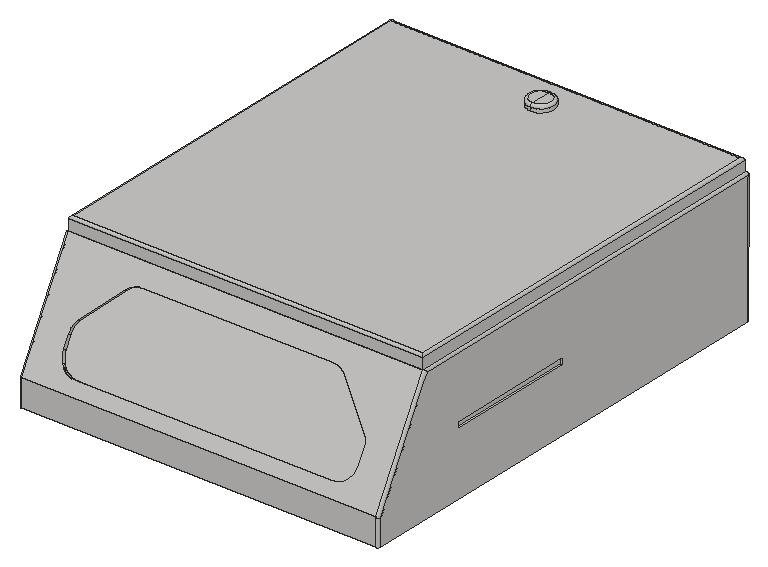
Revit family "PRD_AR_PprTwlDpnsrs_RODANPaperTowelDispenser_RODX600", category Furniture, host Face, Revit 2018
Family settings
  Host = Face
  OmniClass Number = 23.40.20.21
  OmniClass Title = Toilet and Bath Specialties
  Cut with Voids When Loaded = No
  Shared = No
  Room Calculation Point = No
Parameters (values of type "RODX600")
  WarrantyStartDate [instance] = "1900-12-31T23:59:59"
  WarrantyGuarantorParts = "n/a"
  WarrantyGuarantorLabor = "n/a"
  WarrantyDurationUnit = "year"
  WarrantyDurationParts = "n/a"
  WarrantyDurationLabor = "n/a"
  WarrantyDescription = "n/a"
  Version = "1"
  Uniclass2015Version = "Products v1.7"
  Uniclass2015Title = "Paper towel dispensers"
  Uniclass2015Code = "Pr_40_70_22_62"
  URL = "www.kwc.com"
  TypeOfConsumable = "Paper towel"
  TowelsWidth = 0.00 mm
  TowelsTowelType = "n/a"
  TagNumber [instance] = "n/a"
  SustainabilityPerformance = "n/a"
  Style = "Paper towel dispenser"
  Size = "275x355x112 mm"
  Shape = "n/a"
  SerialNumber [instance] = "n/a"
  Revision = "n/a"
  ReplacementCost = "n/a"
  ProductInformation = "https://pim.kwc.com/product/2000090056/attachment/datasheet?locale=en"
  OverallWidth = 275.00 mm
  OverallHeight = 355.00 mm
  OverallDepth = 112.00 mm
  Operation = "Manual"
  NominalWidth = 275.00 mm
  NominalLength = 275.00 mm
  NominalHeight = 355.00 mm
  NominalDepth = 112.00 mm
  NetWeight = 2.13 kg
  Name = "RODAN paper towel dispenser RODX600"
  NBSTypeID = "n/a"
  NBSReference = "45-35-72/344"
  NBSOfficeMasterTag = "n/a"
  NBSNote = "n/a"
  NBSDescription = "Paper towel dispensers"
  NBSCertification = "n/a"
  ModelReference = "RODX600"
  ModelNumber = "2000090056"
  Model = ModelReference  # "RODX600"
  MaterialsFinishAndColour = "Stainless steel, satin finished"
  MaterialsBody = "Stainless steel"
  Material = "Stainless steel"
  ManufacturerURL = "www.kwc.com"
  ManufacturerName = "KWC Group AG"  # constant formula
  Manufacturer = ManufacturerName  # "KWC Group AG"
  MainColor = "Stainless steel"
  IntegralAccessories = "Stainless steel screws and dowels incl."
  InstallationDate [instance] = "1900-12-31T23:59:59"
  IfcExportType = "NOTDEFINED"
  IfcExportAs = "IfcFurnitureType"
  GrossWeight = 2.57 kg
  Grade = "n/a"
  Form = "Wall mounted"
  Finish = "Satin finished"
  Features = "stainless steel, 0.80 mm, satin finished, wall mounting, 275x355x112 mm (WxHxD)"
  ExpectedLife = "n/a"
  DurationUnit = "year"
  DispenserMaterial = PRD_AR_StainlessSteel_SatinFinished
  Description = "Paper towel dispenser for wall mounting, stainless steel, surface satin finished, material thickness 0.8 mm, folded front cover, cylinder lock with KWC standard key, inspection windows on sides, loading capacity 300 - 400 pcs. of paper depending on convolution, incl. stainless steel screws and dowels."
  Default Elevation = 1200.00 mm
  Constituents = "n/a"
  Color = "Stainless steel"
  CodePerformance = "n/a"
  Category = "Pr_40_70_22_62, Paper towel dispensers"
  BarCode [instance] = "n/a"
  BIMObjectName = "PRD_AR_PaperTowelDispensers_RODANPaperTowelDispenser_RODX600"
  Author = "Archispace"  # constant formula
  AssetType = "Fixed"
  AssetIdentifier [instance] = "n/a"
  AccessibilityPerformance = "n/a"
Reference planes
  plane 1 "Center (Front/Back)": y = 0
  plane 2: z = 0
  plane 3 "Center (Left/Right)": x = 0
  plane 4: y = 355
  plane 5: x = -137.5
  plane 6: x = 137.5
  plane 7: y = 353
  plane 8: x = -135.5
  plane 9: x = 135.5
  plane 10: z = 102
  plane 11: z = 112
Forms (mm)
  Extrusion 1, solid, material "PRD_AR_StainlessSteel_SatinFinished" <- "DispenserMaterial", detail levels fine
    sketch origin (0, 0, 0) x (0, 1, 0) y (0, 0, 1)
      loop
        line (355, 0) -> (355, 100)
        arc (355, 100) -> (354.414, 101.414) -> (353, 102) r 2
        line (353, 102) -> (45, 102) -> (0, 20.595) -> (0, 0) -> (355, 0)
    from -137.5 to 137.5
  Extrusion 2, solid, material "PRD_AR_StainlessSteel_SatinFinished" <- "DispenserMaterial", detail levels fine
    sketch origin (0, 0, 0) x (0, 1, 0) y (0, 0, 1)
      loop
        line (353, 112) -> (45, 112) -> (45, 102) -> (353, 102) -> (353, 112)
    from -135.5 to 135.5
  Sweep 3, void
    path in 3D
      loop
        line (137.5, 355, 0) -> (137.5, 355, 102) -> (137.5, 45, 102) -> (137.5, 0, 20.595) -> (137.5, 0, 0)
    profile origin (137.5, 355, 51) x (0, -1, 0) y (1, 0, 0)
      loop
        line (0, 0) -> (0, -2)
        arc (0, -2) -> (0.586, -0.586) -> (2, 0) r 2
        line (2, 0) -> (0, 0)
  Sweep 4, void
    path in 3D
      loop
        line (-137.5, 0, 0) -> (-137.5, 0, 20.595) -> (-137.5, 45, 102) -> (-137.5, 355, 102) -> (-137.5, 355, 0)
    profile origin (-137.5, 355, 51) x (-1, 0, 0) y (0, -1, 0)
      loop
        arc (0, 2) -> (-0.586, 0.586) -> (-2, 0) r 2
        line (-2, 0) -> (0, 0) -> (0, 2)
  Sweep 5, void
    path in 3D
      loop
        line (-135.5, 353, 112) -> (-135.5, 45, 112) -> (135.5, 45, 112) -> (135.5, 353, 112) -> (-135.5, 353, 112)
    profile origin (0, 353, 112) x (0, -1, 0) y (0, 0, 1)
      loop
        line (0, 0) -> (0, -2)
        arc (0, -2) -> (0.586, -0.586) -> (2, 0) r 2
        line (2, 0) -> (0, 0)
  Extrusion 6, void
    sketch origin (0, 0, 0) x (0, 1, 0) y (0, 0, 1)
      loop
        line (176, 48.506) -> (176, 53.506) -> (76, 53.506) -> (76, 48.506) -> (176, 48.506)
    from -135.5 to -137.5
  Extrusion 7, void
    sketch origin (0, 0, 0) x (0, 1, 0) y (0, 0, 1)
      loop
        line (176, 48.506) -> (176, 53.506) -> (76, 53.506) -> (76, 48.506) -> (176, 48.506)
    from 135.5 to 137.5
  Revolve 8, solid, material "PRD_AR_StainlessSteel_SatinFinished" <- "DispenserMaterial", detail levels fine
    sketch origin (0, 0, 0) x (0, 1, 0) y (0, 0, 1)
      loop
        arc (319.447, 116.65) -> (318.033, 116.064) -> (317.447, 114.65) r 2
        line (317.447, 114.65) -> (317.447, 112) -> (327.422, 112) -> (327.422, 116.65) -> (319.447, 116.65)
      axis (327.422, 112) -> (327.422, 116.65)
    angle from 0 to 360
  Extrusion 9, void
    sketch origin (0, 0, 20.602) x (0, 0.48481, 0.87462) y (1, 0, 0)
      loop
        line (77.406, -72.585) -> (77.406, 72.585)
        spline (77.406, 72.585) -> (77.371, 73.61) -> (77.266, 74.629) -> (77.092, 75.639) -> (76.849, 76.635) -> (76.539, 77.612) -> (76.163, 78.565) -> (75.722, 79.491) -> (75.219, 80.384) -> (74.657, 81.241) -> (74.037, 82.057) -> (73.363, 82.83) -> (72.638, 83.554)
        line (72.638, 83.554) -> (45.392, 108.969)
        spline (45.392, 108.969) -> (44.686, 109.587) -> (43.943, 110.16) -> (43.166, 110.685) -> (42.357, 111.161) -> (41.52, 111.585) -> (40.659, 111.956) -> (39.775, 112.272) -> (38.874, 112.533) -> (37.958, 112.737) -> (37.032, 112.883) -> (36.098, 112.971) -> (35.16, 113)
        line (35.16, 113) -> (25.506, 113)
        spline (25.506, 113) -> (23.548, 112.872) -> (21.624, 112.489) -> (19.766, 111.858) -> (18.006, 110.99) -> (16.374, 109.9) -> (14.899, 108.607) -> (13.606, 107.131) -> (12.515, 105.5) -> (11.648, 103.74) -> (11.017, 101.882) -> (10.634, 99.958) -> (10.506, 98)
        line (10.506, 98) -> (10.506, -98)
        spline (10.506, -98) -> (10.634, -99.958) -> (11.017, -101.882) -> (11.648, -103.74) -> (12.515, -105.5) -> (13.606, -107.131) -> (14.899, -108.607) -> (16.374, -109.9) -> (18.006, -110.99) -> (19.766, -111.858) -> (21.624, -112.489) -> (23.548, -112.872) -> (25.506, -113)
        line (25.506, -113) -> (35.16, -113)
        spline (35.16, -113) -> (36.098, -112.971) -> (37.032, -112.883) -> (37.958, -112.737) -> (38.874, -112.533) -> (39.775, -112.272) -> (40.659, -111.956) -> (41.52, -111.585) -> (42.357, -111.161) -> (43.166, -110.685) -> (43.943, -110.16) -> (44.686, -109.587) -> (45.392, -108.969)
        line (45.392, -108.969) -> (72.638, -83.554)
        spline (72.638, -83.554) -> (73.363, -82.83) -> (74.037, -82.057) -> (74.657, -81.241) -> (75.219, -80.384) -> (75.722, -79.491) -> (76.163, -78.565) -> (76.539, -77.612) -> (76.849, -76.635) -> (77.092, -75.639) -> (77.266, -74.629) -> (77.371, -73.61) -> (77.406, -72.585)
    from -2 to 2
  Extrusion 10, solid, material "PRD_AR_StainlessSteel_SatinFinished" <- "DispenserMaterial", detail levels medium
    sketch origin (0, 0, 20.602) x (0, 0.48481, 0.87462) y (0, -0.87462, 0.48481)
      loop
        line (252.046, -266.179) -> (101.755, 4.953) -> (92.82, 0) -> (0, 0) -> (-18.019, -9.988) -> (154.089, -320.478) -> (252.046, -266.179)
    from -137.5 to 137.5
  Extrusion 11, solid, material "PRD_AR_StainlessSteel_SatinFinished" <- "DispenserMaterial", detail levels coarse
    sketch origin (0, 0, 0) x (1, 0, 0) y (0, 1, 0)
      loop
        line (-137.5, 355) -> (-137.5, 0) -> (137.5, 0) -> (137.5, 355) -> (-137.5, 355)
    from 0 to 112
Cuts and joins
  Sweep 3, Sweep 4, Extrusion 6, Extrusion 7, Extrusion 9 cuts Extrusion 1
  Sweep 5 cuts Extrusion 2
Lines and regions (mm)
  sketch lines
    curve 1: line (137.5, 355, 0) -> (137.5, 355, 102)
    curve 2: line (137.5, 355, 102) -> (137.5, 45, 102)
    curve 3: line (137.5, 45, 102) -> (137.5, 0, 20.595)
    curve 4: line (137.5, 0, 20.595) -> (137.5, 0, 0)
    curve 5: line (-137.5, 355, 102) -> (-137.5, 355, 0)
    curve 6: line (-137.5, 45, 102) -> (-137.5, 355, 102)
    curve 7: line (-137.5, 0, 20.595) -> (-137.5, 45, 102)
    curve 8: line (-137.5, 0, 0) -> (-137.5, 0, 20.595)
    curve 9: line (135.5, 353, 112) -> (-135.5, 353, 112)
    curve 10: line (-135.5, 45, 112) -> (-135.5, 353, 112)
    curve 11: line (135.5, 45, 112) -> (-135.5, 45, 112)
    curve 12: line (135.5, 353, 112) -> (135.5, 45, 112)
  reference lines, not visible
    curve 13: line (0, 0, 20.602) -> (0, 42.387, 97.07)
Dimensions and locks
  "OverallHeight": plane 1 "Center (Front/Back)" to plane 4
  equal spacing: plane 5, plane 3 "Center (Left/Right)", plane 6
  "OverallWidth": plane 5 to plane 6
  locked: plane 4 to plane 7 at 2
  locked: plane 4 to Revolve 8 sketch curve at 27.578
  plane 5 to plane 8 = 2.00 mm
  plane 9 to plane 6 = 2.00 mm
  "OverallDepth": plane 11 to level
  plane 11 to plane 10 = 10.00 mm
  locked: plane 11 to Extrusion 1 sketch curve at 91.405
  locked: plane 11 to cut or joined group of Extrusion 1, Sweep 3, Sweep 4, Extrusion 6, Extrusion 7, Extrusion 9 at 58.494  (x2)
  locked: plane 11 to cut or joined group of Extrusion 1, Sweep 3, Sweep 4, Extrusion 6, Extrusion 7, Extrusion 9 at 63.494  (x2)
  locked: cut or joined group of Extrusion 1, Sweep 3, Sweep 4, Extrusion 6, Extrusion 7, Extrusion 9 to plane 5 at 24.5
  locked: Extrusion 9 sketch curve to plane 5 at 28.531
  locked: Extrusion 9 sketch curve to plane 5 at 53.946
  locked: plane 6 to cut or joined group of Extrusion 1, Sweep 3, Sweep 4, Extrusion 6, Extrusion 7, Extrusion 9 at 24.5
  locked: plane 6 to Extrusion 9 sketch curve at 28.531
  locked: plane 6 to Extrusion 9 sketch curve at 53.946
  locked: plane 1 "Center (Front/Back)" to curve 13 (angle 29.00°)
  aligned and locked: plane 2 to host face
  aligned and locked: level to host face
  aligned and locked: plane 4 to Extrusion 1 sketch curve
  aligned and locked: Extrusion 2 sketch curve to plane 7
  aligned and locked: Extrusion 1 to Extrusion 6
  aligned and locked: Extrusion 1 to Extrusion 7
  aligned and locked: Extrusion 1 to plane 5
  aligned and locked: plane 6 to Extrusion 1
  aligned and locked: Extrusion 2 to plane 8
  aligned and locked: Extrusion 2 to plane 9
  aligned and locked: plane 8 to cut or joined group of Extrusion 1, Sweep 3, Sweep 4, Extrusion 6, Extrusion 7, Extrusion 9
  aligned and locked: plane 9 to cut or joined group of Extrusion 1, Sweep 3, Sweep 4, Extrusion 6, Extrusion 7, Extrusion 9
  aligned and locked: Revolve 8 sketch curve to plane 11
  aligned and locked: plane 11 to Extrusion 2 sketch curve
  aligned and locked: Extrusion 1 sketch curve to plane 10
  aligned and locked: plane 1 "Center (Front/Back)" to curve 13
  aligned and locked: plane 4 to Extrusion 10 sketch curve
  aligned and locked: Extrusion 10 sketch curve to level
  aligned and locked: Extrusion 10 sketch curve to plane 1 "Center (Front/Back)"
  aligned and locked: Extrusion 10 sketch curve to curve 13
  aligned and locked: cut or joined group of Extrusion 2, Sweep 5 to Extrusion 10 sketch curve
  aligned and locked: plane 11 to Extrusion 10 sketch curve
  aligned and locked: Extrusion 10 to plane 5
  aligned and locked: plane 6 to Extrusion 10
  aligned and locked: Extrusion 11 sketch curve to plane 4
  aligned and locked: Extrusion 11 sketch curve to plane 1 "Center (Front/Back)"
  aligned and locked: plane 5 to Extrusion 11 sketch curve
  aligned and locked: Extrusion 11 sketch curve to plane 6
  aligned and locked: plane 11 to Extrusion 11
Automatic sketch dimensions
  host sketch curve to host sketch curve = 2438.40 mm  (x2)
  Sweep 3 sketch curve to profile plane = 0.00 mm  (x4)
  Sweep 3 sketch curve to Sweep 3 sketch curve = 2.00 mm
  Sweep 3 sketch curve to Sweep 3 sketch curve = 0.00 mm  (x2)
  Sweep 4 sketch curve to profile plane = 0.00 mm  (x4)
  Sweep 4 sketch curve to Sweep 4 sketch curve = 2.00 mm
  Sweep 4 sketch curve to Sweep 4 sketch curve = 0.00 mm  (x2)
  Sweep 5 sketch curve to profile plane = 0.00 mm  (x4)
  Sweep 5 sketch curve to Sweep 5 sketch curve = 2.00 mm
  Sweep 5 sketch curve to Sweep 5 sketch curve = 0.00 mm  (x2)
  Extrusion 6 sketch curve to plane 1 "Center (Front/Back)" = 76.00 mm
  Extrusion 6 sketch curve to Extrusion 6 sketch curve = 100.00 mm
  level to Extrusion 6 sketch curve = 48.506 mm
  Extrusion 6 sketch curve to Extrusion 6 sketch curve = 5.00 mm
  Extrusion 7 sketch curve to plane 1 "Center (Front/Back)" = 76.00 mm
  Extrusion 7 sketch curve to Extrusion 7 sketch curve = 100.00 mm
  level to Extrusion 7 sketch curve = 48.506 mm
  Extrusion 7 sketch curve to Extrusion 7 sketch curve = 5.00 mm
  Revolve 8 sketch curve to Revolve 8 sketch curve = 2.00 mm
  Revolve 8 sketch curve to Revolve 8 sketch curve = 7.975 mm
  Revolve 8 sketch curve to Revolve 8 sketch curve = 2.65 mm
  Revolve 8 sketch curve to Revolve 8 sketch curve = 0.00 mm
  Revolve 8 sketch curve to Revolve 8 sketch curve = 0.50 mm
  Revolve 8 sketch curve to Revolve 8 sketch curve = 2.707 mm
  Extrusion 2 sketch curve to plane 1 "Center (Front/Back)" = 45.00 mm
  Extrusion 2 sketch curve to plane 11 = 10.00 mm
  Extrusion 1 sketch curve to level = 0.00 mm
  Extrusion 1 sketch curve to plane 1 "Center (Front/Back)" = 0.00 mm
  Extrusion 1 sketch curve to plane 1 "Center (Front/Back)" = 45.00 mm
  Extrusion 1 sketch curve to plane 4 = 2.00 mm
  curve 13 to plane 10 = 4.93 mm
  curve 13 to Extrusion 9 sketch curve = 10.506 mm
  Extrusion 9 sketch curve to Extrusion 9 sketch curve = 15.00 mm  (x3)
  Extrusion 9 sketch curve to Extrusion 9 sketch curve = 9.654 mm  (x2)
  Extrusion 9 sketch curve to Extrusion 9 sketch curve = 10.232 mm  (x4)
  Extrusion 9 sketch curve to curve 13 = 14.792 mm  (x2)
  Extrusion 9 sketch curve to curve 13 = 10.023 mm
  Extrusion 9 sketch curve to Extrusion 9 sketch curve = 4.031 mm
  Extrusion 9 sketch curve to curve 13 = 98.00 mm
  Extrusion 9 sketch curve to curve 13 = 72.585 mm
  Extrusion 9 sketch curve to Extrusion 9 sketch curve = 10.969 mm  (x2)
  Extrusion 9 sketch curve to Extrusion 9 sketch curve = 0.00 mm  (x2)
